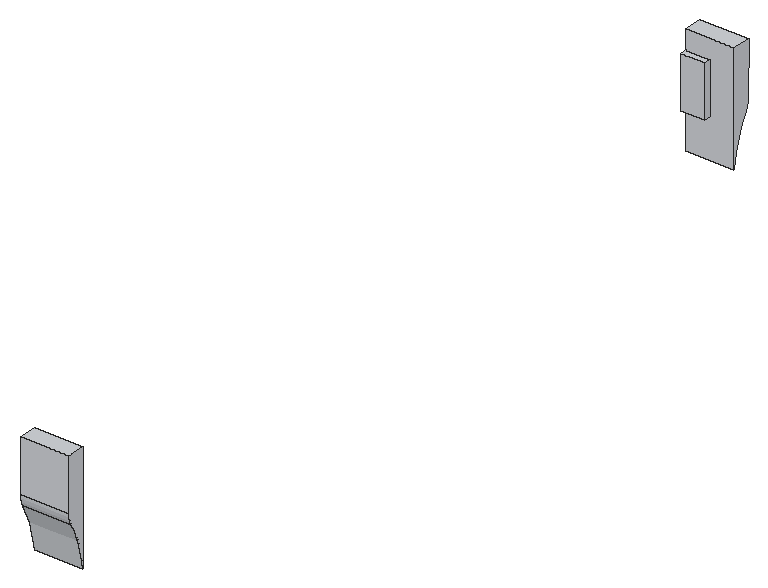
Revit family "L-trade II", category Обобщенные модели, Revit 2017
Family settings
  Может служить основой для арматурных стержней = Нет
  Размер круглого соединителя = Использовать диаметр
  Тип детали = Нормальный
  На основе рабочей плоскости = Нет
  Всегда вертикально = Да
  При загрузке вырезать с полостями = Нет
  Общий = Нет
  Точка расчета площади = Нет
Parameters
  Изготовитель = "LEDEL"
  Длина светильника = 500 mm
  Длина замка [instance] = Длина светильника + 8 mm  # 508 mm
  Артикул = ""
Reference planes
  plane 1 "По центру (Вперед/Назад)": y = 0
  plane 2: z = 0
  plane 3 "По центру (Влево/Вправо)": x = 0
Forms (mm)
  Extrusion 1, solid
    sketch origin (0, 0, 0) x (1, 0, 0) y (0, 0, 1)
      loop
        line (0, 25) -> (-15, 25) -> (-15, -6.979) -> (0, -6.979) -> (0, 25)
    from 25 to 533
  Extrusion 2, void
    sketch origin (0, 0, 0) x (1, 0, 0) y (0, 0, 1)
      loop
        line (-0.013, 29) -> (-11.117, 29)
        arc (-11.117, 29) -> (-14.368, 28.353) -> (-17.124, 26.512) r 8.495
        line (-17.124, 26.512) -> (-24.977, 18.659)
        arc (-24.977, 18.659) -> (-26.928, 15.739) -> (-27.613, 12.295) r 9
        line (-27.613, 12.295) -> (-27.613, 3.705)
        arc (-27.613, 3.705) -> (-26.928, 0.261) -> (-24.977, -2.659) r 9
        line (-24.977, -2.659) -> (-17.272, -10.364)
        arc (-17.272, -10.364) -> (-14.352, -12.315) -> (-10.908, -13) r 9
        line (-10.908, -13) -> (-0.013, -13) -> (10.908, -13)
        arc (10.908, -13) -> (14.352, -12.315) -> (17.272, -10.364) r 9
        line (17.272, -10.364) -> (24.977, -2.659)
        arc (24.977, -2.659) -> (26.928, 0.261) -> (27.613, 3.705) r 9
        line (27.613, 3.705) -> (27.613, 12.295)
        arc (27.613, 12.295) -> (26.928, 15.739) -> (24.977, 18.659) r 9
        line (24.977, 18.659) -> (17.124, 26.512)
        arc (17.124, 26.512) -> (14.368, 28.353) -> (11.117, 29) r 8.495
        line (11.117, 29) -> (-0.013, 29)
    from 29 to 529
  Extrusion 3, solid
    sketch origin (-15, 0, 1.634) x (0, 0, 1) y (0, 1, 0)
      loop
        line (35.39, -25) -> (35.39, -13.846) -> (2.69, -13.846)
        arc (2.69, -13.846) -> (-0.937, -14.33) -> (-4.31, -15.746) r 13.845
        spline (-4.31, -15.746) -> (-6.711, -17.104) -> (-8.877, -18.27) -> (-10.877, -19.27) -> (-12.78, -20.13) -> (-14.651, -20.875) -> (-16.56, -21.531) -> (-18.576, -22.124) -> (-20.772, -22.679) -> (-23.218, -23.219) -> (-25.989, -23.77) -> (-29.155, -24.355) -> (-32.79, -25)
        line (-32.79, -25) -> (35.39, -25)
    from -30 to 0
  Extrusion 4, solid
    sketch origin (-15, 0, 1.634) x (0, 0, 1) y (0, 1, 0)
      loop
        line (35.39, -533) -> (-32.79, -533)
        spline (-32.79, -533) -> (-29.155, -533.645) -> (-25.989, -534.23) -> (-23.218, -534.781) -> (-20.772, -535.321) -> (-18.576, -535.876) -> (-16.56, -536.469) -> (-14.651, -537.125) -> (-12.78, -537.87) -> (-10.877, -538.73) -> (-8.877, -539.73) -> (-6.711, -540.896) -> (-4.31, -542.254)
        arc (-4.31, -542.254) -> (-0.937, -543.67) -> (2.69, -544.154) r 13.845
        line (2.69, -544.154) -> (35.39, -544.154) -> (35.39, -533)
    from -30 to 0
Cuts and joins
  Extrusion 2 cuts Extrusion 1
Dimensions and locks
  "Длина замка": Extrusion 1 to Extrusion 1
  "Длина светильника": cut or joined group of Extrusion 1, Extrusion 2 to cut or joined group of Extrusion 1, Extrusion 2
  aligned and locked: level to plane 2
Automatic sketch dimensions
  Extrusion 1 sketch curve to plane 3 "По центру (Влево/Вправо)" = 0 mm
  Extrusion 1 sketch curve to level = 6.979 mm
  Extrusion 1 sketch curve to plane 3 "По центру (Влево/Вправо)" = 15 mm
  level to Extrusion 1 sketch curve = 25 mm
  level to Extrusion 2 sketch curve = 3.705 mm  (x2)
  Extrusion 2 sketch curve to plane 3 "По центру (Влево/Вправо)" = 27.613 mm
  Extrusion 2 sketch curve to level = 2.659 mm  (x2)
  Extrusion 2 sketch curve to Extrusion 2 sketch curve = 2.636 mm  (x2)
  level to Extrusion 2 sketch curve = 18.659 mm
  Extrusion 2 sketch curve to Extrusion 2 sketch curve = 0 mm  (x2)
  Extrusion 2 sketch curve to level = 10.364 mm  (x2)
  Extrusion 2 sketch curve to Extrusion 2 sketch curve = 7.705 mm
  Extrusion 2 sketch curve to Extrusion 2 sketch curve = 7.853 mm
  Extrusion 2 sketch curve to Extrusion 2 sketch curve = 6.007 mm  (x3)
  Extrusion 2 sketch curve to Extrusion 2 sketch curve = 6.364 mm  (x4)
  Extrusion 2 sketch curve to plane 3 "По центру (Влево/Вправо)" = 0.013 mm  (x2)
  Extrusion 2 sketch curve to level = 4 mm
  plane 3 "По центру (Влево/Вправо)" to Extrusion 2 sketch curve = 10.908 mm
  plane 3 "По центру (Влево/Вправо)" to Extrusion 2 sketch curve = 11.117 mm
  Extrusion 2 sketch curve to Extrusion 2 sketch curve = 7.496 mm
  Extrusion 2 sketch curve to Extrusion 2 sketch curve = 8.59 mm
  Extrusion 2 sketch curve to Extrusion 2 sketch curve = 8.21 mm  (x2)
  Extrusion 3 sketch curve to Extrusion 1 = 0 mm
  Extrusion 1 to Extrusion 3 sketch curve = 24.177 mm
  Extrusion 3 sketch curve to Extrusion 1 = 4.303 mm
  Extrusion 1 to Extrusion 3 sketch curve = 2.691 mm
  Extrusion 3 sketch curve to Extrusion 1 = 11.303 mm
  Extrusion 3 sketch curve to Extrusion 1 = 12.024 mm
  Extrusion 3 sketch curve to Extrusion 1 = 9.254 mm
  Extrusion 4 sketch curve to Extrusion 1 = 0 mm
  Extrusion 1 to Extrusion 4 sketch curve = 24.177 mm
  Extrusion 4 sketch curve to Extrusion 1 = 4.303 mm
  Extrusion 1 to Extrusion 4 sketch curve = 2.691 mm
  Extrusion 4 sketch curve to Extrusion 1 = 11.303 mm
  Extrusion 4 sketch curve to Extrusion 1 = 12.024 mm
  Extrusion 4 sketch curve to Extrusion 1 = 9.254 mm
